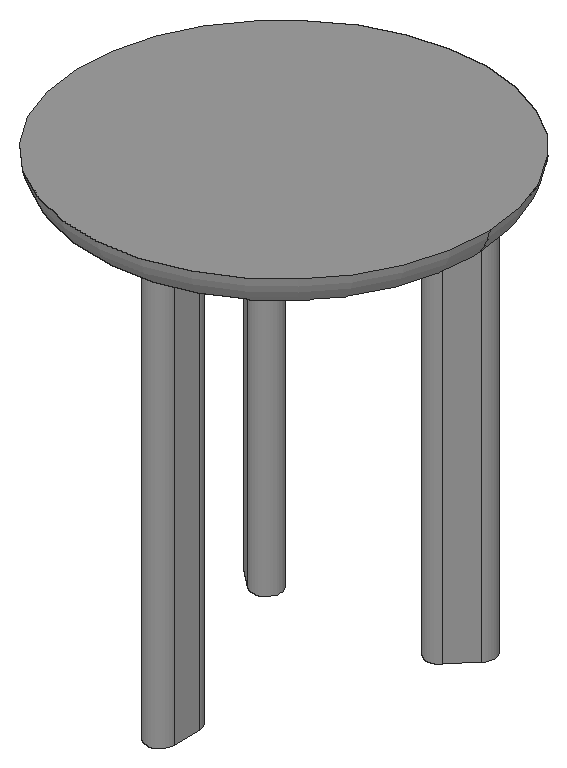
Revit family "Pebble Side Table - Round", category Generic Models, Revit 2021
Family settings
  Can host rebar = No
  Round Connector Dimension = Use Diameter
  Part Type = Normal
  Work Plane-Based = No
  Always vertical = Yes
  Cut with Voids When Loaded = No
  Shared = No
  Room Calculation Point = No
Parameters
  Default Elevation = 0 mm
Reference planes
  plane 1 "Center (Front/Back)": y = 0
  plane 2: z = 0
  plane 3 "Center (Left/Right)": x = 0
Forms (mm)
  Extrusion 1, solid, material "VICTORIAN ASH"
    sketch origin (0, 0, 0) x (1, 0, 0) y (0, 1, 0)
      loop
        circle (0, 0) r 215
    from 446.018 to 480
  Extrusion 2, solid, material "VICTORIAN ASH"
    sketch origin (31.552, 10.308, 0) x (1, 0, 0) y (0, 1, 0)
      loop
        line (-46.552, -138.462) -> (-46.552, -170.962)
        arc (-46.552, -170.962) -> (-31.552, -185.962) -> (-16.552, -170.962) r 15
        line (-16.552, -170.962) -> (-16.552, -138.462)
        arc (-16.552, -138.462) -> (-31.552, -123.462) -> (-46.552, -138.462) r 15
    from 0 to 446.018
  Sweep 3, void
    path in 3D
      loop
        arc (-215, 0, 446.018) -> (0, -215, 446.018) -> (215, 0, 446.018) r 215
        arc (215, 0, 446.018) -> (0, 215, 446.018) -> (-215, 0, 446.018) r 215
    profile origin (0, 215, 446.018) x (0, 1, 0) y (0, 0, -1)
      loop
        arc (-25, 0) -> (-8.129, -13.776) -> (0, -33.982) r 43.715
        line (0, -33.982) -> (0, 20.309) -> (-25, 20.309) -> (-25, 0)
  Extrusion 4, solid, material "VICTORIAN ASH"
    sketch origin (15.022, -29.599, 0) x (0.707107, -0.707107, 0) y (0.707107, 0.707107, 0)
      loop
        arc (-46.552, 138.462) -> (-31.552, 123.462) -> (-16.552, 138.462) r 15
        line (-16.552, 138.462) -> (-16.552, 170.962)
        arc (-16.552, 170.962) -> (-31.552, 185.962) -> (-46.552, 170.962) r 15
        line (-46.552, 170.962) -> (-46.552, 138.462)
    from 0 to 446.018
  Extrusion 5, solid, material "VICTORIAN ASH"
    sketch origin (-15.022, -29.599, 0) x (-0.707107, -0.707107, 0) y (0.707107, -0.707107, 0)
      loop
        line (-46.552, -138.462) -> (-46.552, -170.962)
        arc (-46.552, -170.962) -> (-31.552, -185.962) -> (-16.552, -170.962) r 15
        line (-16.552, -170.962) -> (-16.552, -138.462)
        arc (-16.552, -138.462) -> (-31.552, -123.462) -> (-46.552, -138.462) r 15
    from 0 to 446.018
Cuts and joins
  Sweep 3 cuts Extrusion 1
Lines and regions (mm)
  sketch lines
    curve 1: arc (215, 0, 446.018) -> (0, 215, 446.018) -> (-215, 0, 446.018) r 215
    curve 2: arc (-215, 0, 446.018) -> (0, -215, 446.018) -> (215, 0, 446.018) r 215
Dimensions and locks
  aligned and locked: level to plane 2
